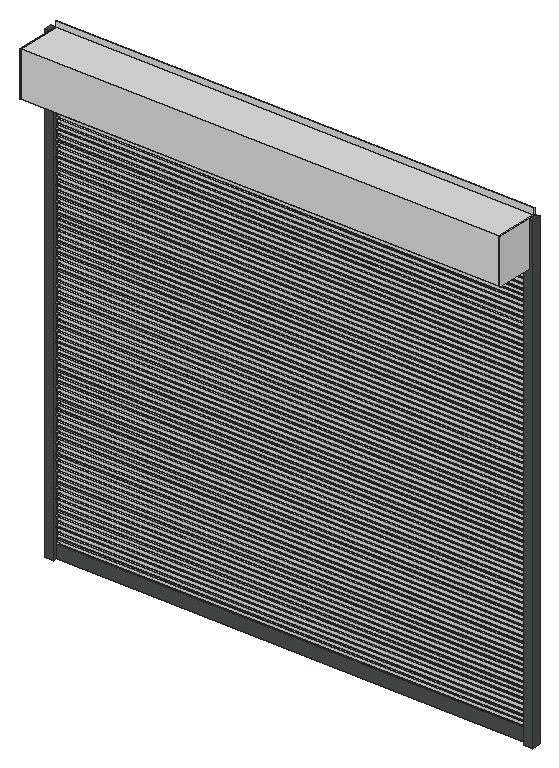
Revit family "Doors_Industrial_Overhead-Door-Corporation_Counter-Doors-652_", category Specialty Equipment, host Wall, Revit 2019
Family settings
  Host = Wall
  Round Connector Dimension = Use Diameter
  Part Type = Normal
  OmniClass Number = 23.30.10.21.34
  OmniClass Title = Industrial Doors
  Always vertical = Yes
  Cut with Voids When Loaded = Yes
  Shared = No
  Room Calculation Point = No
Parameters (values of type "‏​Manual push-up")
  Warning Sign [instance] = if(Calculated Area > 683.00 SF, 1 = 1, 1 = 2)  # no
  Warning (Note) [instance] = if(Warning Sign, "The Door Area is out of the limit; please adjust accordingly. The maximum allowed area is 683 sq. ft.", if(Opening Height > 360", "Headroom Clearance Dimensions - out of the limits. Consult Factory", " "))  # " "
  Wall Thickness [instance] = 6"
  Voltage = 0 V
  True Opening Width [instance] = if(Between Jambs Mounting, Door Width True, Clear Width)  # 120"
  True Opening Height [instance] = if(Between Jambs Mounting, Clear Height + Headroom Height, Clear Height)  # 108"
  Steel \ Stainless Steel Guide [instance] = not(Aluminum Guide)  # no
  Slat Type [instance] = "F-158"  # constant formula
  Slat Length [instance] = Clear Width + Setback  # 120 7/8"
  Slat Height [instance] = 10 41/128"  # constant formula
  Slat Center Offset [instance] = if(and(Electric Operator, Motor Option Real = 2), 1 1/16", if(Aluminum Guide, 1 1/16", 1 5/8"))  # 1 1/16"
  Slat [instance] = 1  # constant formula
  Setback [instance] = if(Between Jambs Mounting, if(and(Electric Operator, Motor Option Real = 2), 7/8" - 1/4", if(Aluminum Guide, 7/8" - 1/4", 1" - 3/8")), if(and(Electric Operator, Motor Option Real = 2), 7/8", if(Aluminum Guide, 7/8", 1")))  # 7/8"
  Product Page URL = "https://www.overheaddoor.com/counter-doors-652"
  Power Factor = 1
  Powder Coat (Note) = "PowderGuard® Premium powder coat finish options are available in approximately 200 colors as well as custom matching to specification. PowderGuard® Textured finish, a thicker, more scratch resistant coat, is available in 11 colors providing enhanced scratch resistance as well as aiding in hiding the dirt and blemishes that often occur in commercial environments.​"  # constant formula
  Operator Visibility = no
  Operation (Note) [instance] = "Standard door operation is manual push-up. Door could also operate by crank, electrical operator or chain hoist. Manual push up and crank could be used up to 80 sf."  # constant formula
  Opening Width Real [instance] = if(Opening Width > Max Opening Width, Max Opening Width, if(Opening Width < Min Opening Width, Min Opening Width, Opening Width))  # 120"
  Opening Width [instance] = 120"
  Opening Height Real [instance] = if(Opening Height > Max Opening Height, Max Opening Height, if(Opening Height < Min Opening Height, Min Opening Height, Opening Height))  # 108"
  Opening Height [instance] = 108"
  One Array element [instance] = not(Array Vis)  # no
  Number of Poles = 1
  Motor Type [instance] = if(Motor Option < 2, "CDX Electric Operator", if(Motor Option = 2, "RTM Electric Operator", "RSX Electric Operator"))  # "CDX Electric Operator"
  Motor Selection (Note) [instance] = "Generic operator shown. Contact Overhead Door when dimensions are critical. "  # constant formula
  Motor Position [instance] = if(Between Jambs Mounting, if(and(Electric Operator, Motor Option Real > 2), 2 177/256", Headplate Offset), if(and(Electric Operator, Motor Option Real > 2), 2 177/256", Headplate Offset))  # 1 5/8"
  Motor Option Real [instance] = if(Electric Operator, if(Motor Option < 1, 1, if(Motor Option > 3, 3, Motor Option)), 1)  # 1
  Motor Option [instance] = 1
  Min Opening Width [instance] = 40"  # constant formula
  Min Opening Height [instance] = 40"  # constant formula
  Max Opening Width [instance] = 240"  # constant formula
  Max Opening Height [instance] = 108"  # constant formula
  Material Finish [instance] = 652 : Standard - Clear
  Lookup Table = "Hood Dimensions"  # constant formula
  Lookup BD [instance] = if(or(Opening Height Real < 60", Opening Height Real = 60"), 9 1/2", 11 1/2")  # 11 1/2"
  Jambs Offset 2 [instance] = if(Between Jambs Mounting, Guide Width 2, 0")  # 0"
  Jamb Offset 1 [instance] = if(Between Jambs Mounting, Guide Width 1, 0")  # 0"
  Installation Real [instance] = if(Between Jambs Mounting, Installation Limits, Wall Thickness)  # 6"
  Installation Offset [instance] = 0"
  Installation Limits [instance] = if(Installation Offset < 0", 0", if(Installation Offset > Wall Thickness - Guide Depth, Wall Thickness - Guide Depth, Installation Offset))  # 0"
  Hood Type [instance] = "Square Hood"  # constant formula
  Hood Option [instance] = 2  # constant formula
  Hood Offset [instance] = 2"  # constant formula
  Hood Material [instance] = Aluminum - Overhead Door - Clear
  Hood Height [instance] = Headroom Height Real - Hood Offset  # 11 1/2"
  Lookup HH [instance] = if(or(Opening Height Real < 60", Opening Height Real = 60"), 9 1/2", 11 1/2")  # 11 1/2"
  Headroom Height Real [instance] = Lookup HH + Hood Offset  # 13 1/2"
  Headroom Height [instance] = if(Between Jambs Mounting, Headroom Height Real, Headroom Height Real + 1 1/2")  # 15"
  Headplate Offset [instance] = if(Guide Option = 1, 1 5/8", if(Guide Option = 2, 2 3/4", if(Guide Option = 3, 1 15/16", if(Guide Option = 4, 1 5/16", if(Guide Option = 5, 1 5/16", if(Guide Option = 6, 2 3/8", if(Guide Option = 7, 1 15/16", 2 7/16")))))))  # 1 5/8"
  Guide Type [instance] = if(Guide Option < 2, "Face of Wall Extruded Aluminum", if(Guide Option = 2, "Face of Wall Extruded Aluminum - RTM Electric Operator", if(Guide Option = 3, "Face of Wall Rolled Steel", if(Guide Option = 4, "Between Jambs Extruded Aluminum - Push Up", if(Guide Option = 5, "Between Jambs Extruded Aluminum - Crank & Electric Operator", if(Guide Option = 6, "Between Jambs Extruded Aluminum - RTM Electric Operator", if(Guide Option = 7, "Between Jambs Rolled Steel - Push-up", "Between Jambs Rolled Steel - Crank & Electric Operator")))))))  # "Face of Wall Extruded Aluminum"
  Guide Option [instance] = if(Face Of Wall Mounting, if(Aluminum Guide, if(and(Electric Operator, Motor Option = 2), 2, 1), if(and(Electric Operator, Motor Option = 2), 2, 3)), if(Aluminum Guide, if(Manual, 4, if(and(Electric Operator, Motor Option = 2), 6, 5)), if(Manual, 7, if(and(Electric Operator, Motor Option = 2), 6, 8))))  # 1
  Guide Width 2 [instance] = if(Guide Option < 2, 2 3/4", if(Guide Option = 2, 2 3/4", if(Guide Option = 3, 2 7/8", if(Guide Option = 4, 2 3/8", if(Guide Option = 5, 2 3/8", if(Guide Option = 6, 2 3/8", if(Guide Option = 7, 1 15/16", 1 15/16")))))))  # 2 3/4"
  Guide Width 1 [instance] = if(Guide Option < 2, 2 3/4", if(Guide Option = 2, 3 5/8", if(Guide Option = 3, 2 7/8", if(Guide Option = 4, 2 3/8", if(Guide Option = 5, 4 3/4", if(Guide Option = 6, 3 3/8", if(Guide Option = 7, 1 15/16", 5 5/8")))))))  # 2 3/4"
  Guide Depth [instance] = if(and(Electric Operator, Motor Option Real = 2), 2 1/8", if(Aluminum Guide, 2 1/8", 2"))  # 2 1/8"
  Frequency = 0 Hz
  Floor To CL shaft [instance] = Clear Height + Hood Height / 2 + Hood Offset  # 115 3/4"
  Face of Wall Offset [instance] = if(Between Jambs Mounting, 0", 5")  # 5"
  Face Of Wall Mounting [instance] = not(Between Jambs Mounting)  # yes
  Electric Operator = no
  Door Width True [instance] = if(Between Jambs Mounting, Clear Width + Guide Width 1 + Guide Width 2, Clear Width)  # 120"
  Door Width (Real) [instance] = if(Between Jambs Mounting, Clear Width, if(and(Electric Operator, Motor Option Real = 2), Clear Width + 3/8" * 2, if(Aluminum Guide, Clear Width + 3/8" * 2, Clear Width + 1" / 2)))  # 120 3/4"
  Door Height True [instance] = Clear Width + Headroom Height  # 135"
  Door Height (Real) [instance] = Clear Height + Hood Offset  # 110"
  URL = "https://www.overheaddoor.com/"
  Product data url = "https://www.bimobject.com/overhead-door/product/counter-doors-652"
  Product Guid = "70aadce8-ccdb-466b-b9f7-033da6aec193"
  Model = "652"  # constant formula
  Manufacturer = "Overhead Door Corporation"  # constant formula
  Wall Closure = By host
  Floor To (CL) of Shaft [instance] = Clear Height + Hood Height / 2 + Hood Offset + Default Elevation Height + Countertop Thickness Real  # 151 3/4"
  Finish Material = Finish - Overhead Door - Black
  Description = "Model 652 Rolling Counter Door"  # constant formula
  Default Elevation Height [instance] = 36"
  Crank = no
  Countertop Thickness Real [instance] = if(Countertop Thickness < 0", 0", if(Countertop Thickness > 12", 12", Countertop Thickness))  # 0"
  Countertop Thickness [instance] = 0"
  Clear Width [instance] = if(Between Jambs Mounting, Opening Width Real - Guide Width 2 - Guide Width 1, Opening Width Real)  # 120"
  Clear Height [instance] = if(Between Jambs Mounting, Opening Height Real - Headroom Height, Opening Height Real)  # 108"
  Manual = yes
  Current = 0 A
  Connector Array Distance = 0"  # constant formula
  Connector Array = if(Manual, 2, 3)  # 2
  Between Jambs Mounting [instance] = no
  Bar [instance] = 1 = 1  # yes
  Backroom Depth [instance] = Lookup BD  # 11 1/2"
  BJ Opening Cut [instance] = if(Between Jambs Mounting, Headroom Height, 0")  # 0"
  Array Vis [instance] = if(Array < 2, 1 = 2, 1 = 1)  # yes
  Array Real [instance] = if(Array < 2, 2, Array)  # 11
  Array Length [instance] = (Array) * Slat Height  # 113 67/128"
  Array [instance] = rounddown(([Door Height (Real)] - 3 1/2") / Slat Height) + 1  # 11
  Calculated Area [instance] = [Door Width (Real)] * [Door Height (Real)]  # 92.2396 SF
  Apparent Load Phase 3 = if(Number of Poles = 1, 0 VA, (Voltage * Current * sqrt(3)) / 3)  # 0 VA
  Apparent Load Phase 2 = if(Number of Poles = 1, 0 VA, (Voltage * Current * sqrt(3)) / 3)  # 0 VA
  Apparent Load Phase 1 = if(Number of Poles = 1, Voltage * Current, (Voltage * Current * sqrt(3)) / 3)  # 0 VA
  Aluminum Guide [instance] = yes
Reference planes (in)
  plane 1 "Center (Front/Back)": y = -14.625
  plane 2 "Center (Left/Right)": x = 0
  plane 3 "Left": x = -60
  plane 4 "Right": x = 60
  plane 5 "Exterior": y = -8.625
  plane 6 "Interior": y = -14.625
  plane 7: z = 144
  plane 8 "Backroom Depth": y = -26.125
  plane 9 "Bottom Bar": z = 39.5
  plane 10: z = 153.02344
  plane 11: z = 157.5
  plane 12: z = 146
  plane 13: z = 159
  plane 14: z = 0
  plane 15: z = 90
  plane 16: y = -15.9375
  plane 17: y = 18.375
  plane 18: y = -41.625
  plane 19 "Headroom Top": z = 159
  plane 20: z = 151.75
  plane 21: z = 142.70312
  plane 22: z = 36
  plane 23: x = 62.75
  plane 24: x = -62.75
  plane 25: y = -15.6875
  plane 26: x = 61.625
  plane 27: z = 36
  plane 28: z = 39.5
  plane 29: y = -15.9375
  plane 30: z = 142.70312
  plane 31: y = -15.9375
  plane 32: z = 49.82031
  plane 33: y = -15.9375
  plane 34: z = 60.14062
  plane 35: y = -15.9375
  plane 36: z = 70.46094
  plane 37: y = -15.9375
  plane 38: z = 80.78125
  plane 39: y = -15.9375
  plane 40: z = 91.10156
  plane 41: y = -15.9375
  plane 42: z = 101.42187
  plane 43: y = -15.9375
  plane 44: z = 111.74219
  plane 45: y = -15.9375
  plane 46: z = 122.0625
  plane 47: y = -15.9375
  plane 48: z = 132.38281
  plane 49: y = -15.9375
Forms (in)
  Extrusion 1, void
    sketch origin (0, -20.625, 0) x (0, 0, -1) y (-1, 0, 0)
      loop
        line (-144, 60) -> (-144, -60) -> (-36, -60) -> (-36, 60) -> (-144, 60)
    from 6 to 12
Text (in)
  text "Exterior" at (-74.96733, 27.31104, 0), in view "Ref. Level"
  text "Interior" at (-74.96733, -25.14366, 0), in view "Ref. Level"
  text "Exterior" at (0, 40.15149, 123.01588), in view "Right"
  text "Interior" at (0, -64.39139, 123.01588), in view "Right"
  text "Interior" at (0, -31.01599, 123.00693), in view "Left"
  text "Exterior" at (0, 54.57065, 123.00693), in view "Left"
Dimensions and locks (in)
  equal spacing: plane 3 "Left", plane 2 "Center (Left/Right)", plane 4 "Right"
  "Clear Width": plane 3 "Left" to plane 4 "Right"
  level to host wall = 459.59655"
  "Array Length": plane 10 to plane 9 "Bottom Bar"
  "Backroom Depth": plane 8 "Backroom Depth" to plane 1 "Center (Front/Back)"
  "Hood Height": plane 11 to plane 12
  locked: plane 13 to plane 11 at 1.5
  "Installation Real": plane 1 "Center (Front/Back)" to plane 5 "Exterior"
  "Wall Thickness": host wall to host wall
  equal spacing: plane 17, host wall, plane 18
  locked: plane 17 to plane 18 at 60
  "BJ Opening Cut": Extrusion 1 sketch curve to plane 7
  "Hood Offset": plane 12 to plane 7
  "Headroom Height": plane 19 "Headroom Top" to plane 7
  "Floor To (CL) of Shaft": plane 20 to level
  "Jamb Offset 1": plane 4 "Right" to Extrusion 1 sketch curve
  "Jambs Offset 2": Extrusion 1 sketch curve to plane 3 "Left"
  "Slat Height": plane 10 to plane 21
  equal spacing: group 1, group 3, group 4, group 5, group 6, group 7, group 8, group 9, group 10, group 11, group 2  (x3)
  equal spacing: plane 7, plane 15, plane 22
  "Clear Height": plane 7 to plane 22
  locked: plane 9 "Bottom Bar" to plane 22 at 3.5
  "Guide Width 1": plane 4 "Right" to plane 23
  "Guide Width 2": plane 24 to plane 3 "Left"
  plane 24 to plane 23 = 125 1/2"
  "Slat Center Offset": plane 25 to plane 1 "Center (Front/Back)"
  locked: plane 16 to plane 25 at 0.25
  "Motor Position": plane 4 "Right" to plane 26
  "Default Elevation Height": plane 27 to plane 14
  "Countertop Thickness Real": plane 22 to plane 27
  aligned and locked: plane 5 "Exterior" to host wall
  aligned and locked: host wall to plane 6 "Interior"
  aligned and locked: Extrusion 1 to plane 5 "Exterior"
  aligned and locked: Extrusion 1 to plane 6 "Interior"
  aligned and locked: level to plane 14
  aligned and locked: plane 2 "Center (Left/Right)" to nested 1
  aligned and locked: nested 1 to plane 17
  aligned and locked: plane 18 to nested 2
  aligned and locked: nested 2 to plane 2 "Center (Left/Right)"
  aligned and locked: nested 3 to plane 15
  aligned and locked: plane 2 "Center (Left/Right)" to nested 3
  aligned and locked: plane 9 "Bottom Bar" to nested 5
  aligned and locked: nested 5 to plane 16
  aligned and locked: nested 3 to plane 16
  aligned and locked: plane 2 "Center (Left/Right)" to nested 15
  aligned and locked: plane 1 "Center (Front/Back)" to nested 15
  aligned and locked: plane 26 to nested 16
  aligned and locked: plane 11 to nested 16
  aligned and locked: nested 16 to plane 5 "Exterior"
  aligned and locked: Extrusion 1 sketch curve to plane 27
  aligned and locked: plane 9 "Bottom Bar" to plane 28
  aligned and locked: plane 29 to plane 16
  aligned and locked: plane 21 to plane 30
  aligned and locked: plane 31 to plane 16
Nested families (in)
  nested 1: "Label Annotation 1" at (0, 18.375, 0), visible <- "Warning Sign", type "Label Annotation 1"
  nested 2: "Label Annotation 1" at (0, -41.625, 0) x (-1, 0, 0) z (0, 0, 1), visible <- "Warning Sign", type "Label Annotation 1"
  nested 3: "Warning Sign" at (0, -15.9375, 90), visible <- "Warning Sign", type "Warning Sign"
    with Warning Sign no
  nested 4: "652" at (0, -15.9373, 39.5), Opening Width <- "Slat Length", type <- "Material Finish", visible <- "Array Vis", type "Standard - Clear"
    with Void Offset 1", Void Height 1", Slat Width 1/2", Slat Position + Offset 9.57", Slat Position 9.03", Slat Option 1, Opening Width 120 7/8", Integrated Cutout no, F-158 yes, F 265, FE 265 no, Cutout Width Offset 1", Cutout Vertical Offset 0.54", Cutout Horizontal Offset 1", C 275 no, Standard yes
  nested 5: "652" at (0, -15.9375, 39.5), visible <- "One Array element", Opening Width <- "Slat Length", type <- "Material Finish", type "Standard - Clear"
    with Void Offset 1", Void Height 1", Slat Width 1/2", Slat Position + Offset 9.57", Slat Position 9.03", Slat Option 1, Opening Width 120 7/8", Integrated Cutout no, F-158 yes, F 265, FE 265 no, Cutout Width Offset 1", Cutout Vertical Offset 0.54", Cutout Horizontal Offset 1", C 275 no, Standard yes
  nested 6: "652" at (0, -15.9373, 142.70312), Opening Width <- "Slat Length", type <- "Material Finish", visible <- "Array Vis", type "Standard - Clear"
    with Void Offset 1", Void Height 1", Slat Width 1/2", Slat Position + Offset 9.57", Slat Position 9.03", Slat Option 1, Opening Width 120 7/8", Integrated Cutout no, F-158 yes, F 265, FE 265 no, Cutout Width Offset 1", Cutout Vertical Offset 0.54", Cutout Horizontal Offset 1", C 275 no, Standard yes
  nested 7: "652" at (0, -15.9373, 49.82031), Opening Width <- "Slat Length", type <- "Material Finish", visible <- "Array Vis", type "Standard - Clear"
    with Void Offset 1", Void Height 1", Slat Width 1/2", Slat Position + Offset 9.57", Slat Position 9.03", Slat Option 1, Opening Width 120 7/8", Integrated Cutout no, F-158 yes, F 265, FE 265 no, Cutout Width Offset 1", Cutout Vertical Offset 0.54", Cutout Horizontal Offset 1", C 275 no, Standard yes
  nested 8: "652" at (0, -15.9373, 60.14062), Opening Width <- "Slat Length", type <- "Material Finish", visible <- "Array Vis", type "Standard - Clear"
    with Void Offset 1", Void Height 1", Slat Width 1/2", Slat Position + Offset 9.57", Slat Position 9.03", Slat Option 1, Opening Width 120 7/8", Integrated Cutout no, F-158 yes, F 265, FE 265 no, Cutout Width Offset 1", Cutout Vertical Offset 0.54", Cutout Horizontal Offset 1", C 275 no, Standard yes
  nested 9: "652" at (0, -15.9373, 70.46094), Opening Width <- "Slat Length", type <- "Material Finish", visible <- "Array Vis", type "Standard - Clear"
    with Void Offset 1", Void Height 1", Slat Width 1/2", Slat Position + Offset 9.57", Slat Position 9.03", Slat Option 1, Opening Width 120 7/8", Integrated Cutout no, F-158 yes, F 265, FE 265 no, Cutout Width Offset 1", Cutout Vertical Offset 0.54", Cutout Horizontal Offset 1", C 275 no, Standard yes
  nested 10: "652" at (0, -15.9373, 80.78125), Opening Width <- "Slat Length", type <- "Material Finish", visible <- "Array Vis", type "Standard - Clear"
    with Void Offset 1", Void Height 1", Slat Width 1/2", Slat Position + Offset 9.57", Slat Position 9.03", Slat Option 1, Opening Width 120 7/8", Integrated Cutout no, F-158 yes, F 265, FE 265 no, Cutout Width Offset 1", Cutout Vertical Offset 0.54", Cutout Horizontal Offset 1", C 275 no, Standard yes
  nested 11: "652" at (0, -15.9373, 91.10156), Opening Width <- "Slat Length", type <- "Material Finish", visible <- "Array Vis", type "Standard - Clear"
    with Void Offset 1", Void Height 1", Slat Width 1/2", Slat Position + Offset 9.57", Slat Position 9.03", Slat Option 1, Opening Width 120 7/8", Integrated Cutout no, F-158 yes, F 265, FE 265 no, Cutout Width Offset 1", Cutout Vertical Offset 0.54", Cutout Horizontal Offset 1", C 275 no, Standard yes
  nested 12: "652" at (0, -15.9373, 101.42187), Opening Width <- "Slat Length", type <- "Material Finish", visible <- "Array Vis", type "Standard - Clear"
    with Void Offset 1", Void Height 1", Slat Width 1/2", Slat Position + Offset 9.57", Slat Position 9.03", Slat Option 1, Opening Width 120 7/8", Integrated Cutout no, F-158 yes, F 265, FE 265 no, Cutout Width Offset 1", Cutout Vertical Offset 0.54", Cutout Horizontal Offset 1", C 275 no, Standard yes
  nested 13: "652" at (0, -15.9373, 111.74219), Opening Width <- "Slat Length", type <- "Material Finish", visible <- "Array Vis", type "Standard - Clear"
    with Void Offset 1", Void Height 1", Slat Width 1/2", Slat Position + Offset 9.57", Slat Position 9.03", Slat Option 1, Opening Width 120 7/8", Integrated Cutout no, F-158 yes, F 265, FE 265 no, Cutout Width Offset 1", Cutout Vertical Offset 0.54", Cutout Horizontal Offset 1", C 275 no, Standard yes
  nested 14: "652" at (0, -15.9373, 122.0625), Opening Width <- "Slat Length", type <- "Material Finish", visible <- "Array Vis", type "Standard - Clear"
    with Void Offset 1", Void Height 1", Slat Width 1/2", Slat Position + Offset 9.57", Slat Position 9.03", Slat Option 1, Opening Width 120 7/8", Integrated Cutout no, F-158 yes, F 265, FE 265 no, Cutout Width Offset 1", Cutout Vertical Offset 0.54", Cutout Horizontal Offset 1", C 275 no, Standard yes
  nested 15: "Lifts" at (0, -14.625, 36) x (-1, 0, 0) z (0, 0, 1), type "Frame Unit"
    with Floor To (CL) of Shaft 115 3/4"
  nested 16: "Motor" at (58.6355, -26.125, 146), visible <- "Operator Visibility", type "Trolley Motor"
  nested 17: "652" at (0, -15.9373, 132.38281), Opening Width <- "Slat Length", type <- "Material Finish", visible <- "Array Vis", type "Standard - Clear"
    with Void Offset 1", Void Height 1", Slat Width 1/2", Slat Position + Offset 9.57", Slat Position 9.03", Slat Option 1, Opening Width 120 7/8", Integrated Cutout no, F-158 yes, F 265, FE 265 no, Cutout Width Offset 1", Cutout Vertical Offset 0.54", Cutout Horizontal Offset 1", C 275 no, Standard yes
Connectors (in)
  electrical at (61.625, -20.375, 151.75), driven by "Apparent Load Phase 1", driven by "Power Factor", driven by "Apparent Load Phase 3", driven by "Apparent Load Phase 2", driven by "Voltage", driven by "Number of Poles"
    settings: on nested 16, index 1, voltage 0 V, apparent load 0 VA, apparent load phase1 0 VA, apparent load phase2 0 VA, apparent load phase3 0 VA, power factor 1, load classification "Other", number of poles 1, system type 31, power factor state 1, is connector primary yes, connector utility no, sub classification motor no, connector description "Electrical Connector"
Definition of nested family "652"
  Parameters (values of type "Perforated - Gray")
    Void Offset [instance] = if(Integrated Cutout, 0", 1")  # 1"
    Void Height [instance] = 1"  # constant formula
    Standard = no
    Slat Width [instance] = 1/2"  # constant formula
    Slat Position + Offset [instance] = Slat Position + Cutout Vertical Offset  # 9.57"
    Slat Position [instance] = 1.29" * 7  # 9.03"
    Slat Option [instance] = 1
    Rough Height = 0"
    Perforation = no
    Fenestration Small = no
    Fenestration Large = 1 = 2  # no
    Cutout Width Offset [instance] = 1"  # constant formula
    Cutout Material 2 = none
    Cutout Horizontal Offset [instance] = 1"  # constant formula
    Cutout Material = none
    Panel Material = none
    Opening Width [instance] = 123 5/8"
    Cutout Vertical Offset [instance] = 0.54"  # constant formula
    F 265, FE 265 [instance] = 1 = 2  # no
    Default Elevation = 48"
    Integrated Cutout [instance] = if(or(Perforation, Fenestration Small), 1 = 1, 1 = 2)  # no
    C 275 [instance] = 1 = 2  # no
    F-158 [instance] = 1 = 1  # yes
    Analytic Construction = "<None>"
  Types (7): name | Void Offset | Standard | Fenestration Small | Integrated Cutout
    Standard - Tan | 1" | yes | no | no
    Standard - Gray | 1" | yes | no | no
    Perforated - Gray | 1" | no | no | no
    Fenestration 0.625”x3” - Gray | 0" | no | yes | yes
    Fenestration 0.625”x3” - Tan | 0" | no | yes | yes
    Vision lites 0.625”x3” - Tan | 0" | no | yes | yes
    Vision lites 0.625”x3” - Gray | 0" | no | yes | yes
  Reference planes (in)
    plane 1 "Center (Front/Back)": y = 0
    plane 2: z = 0
    plane 3 "Center (Left/Right)": x = 0
    plane 4: x = -61.8125
    plane 5: x = 61.8125
    plane 6: y = 0.5
    plane 7: y = 0
    plane 8: y = 0.25
    plane 9: y = 0.47
    plane 10: x = -60.8125
    plane 11: x = 60.8125
  Forms (in)
    Extrusion 1, solid, material <- "Panel Material", visible <- "F-158"
      sketch origin (0, -4.98186, 13.12534) x (0, 1, 0) y (0, 0, 1)
        loop
          arc (5.40186, -13.23015) -> (5.45843, -13.20672) -> (5.48186, -13.15015) r 0.08
          line (5.48186, -13.15015) -> (5.48186, -12.01975)
          arc (5.48186, -12.01975) -> (5.45843, -11.96318) -> (5.40186, -11.94015) r 0.08
          arc (5.40186, -11.94015) -> (5.45843, -11.91672) -> (5.48186, -11.86015) r 0.08
          line (5.48186, -11.86015) -> (5.48186, -10.72975)
          arc (5.48186, -10.72975) -> (5.45843, -10.67318) -> (5.40186, -10.65015) r 0.08
          arc (5.40186, -10.65015) -> (5.45843, -10.62672) -> (5.48186, -10.57015) r 0.08
          line (5.48186, -10.57015) -> (5.48186, -9.43975)
          arc (5.48186, -9.43975) -> (5.45843, -9.38318) -> (5.40186, -9.36015) r 0.08
          arc (5.40186, -9.36015) -> (5.45843, -9.33672) -> (5.48186, -9.28015) r 0.08
          line (5.48186, -9.28015) -> (5.48186, -8.14975)
          arc (5.48186, -8.14975) -> (5.45843, -8.09318) -> (5.40186, -8.07015) r 0.08
          arc (5.40186, -8.07015) -> (5.45843, -8.04672) -> (5.48186, -7.99015) r 0.08
          line (5.48186, -7.99015) -> (5.48186, -6.85975)
          arc (5.48186, -6.85975) -> (5.45843, -6.80318) -> (5.40186, -6.78015) r 0.08
          arc (5.40186, -6.78015) -> (5.45843, -6.75672) -> (5.48186, -6.70015) r 0.08
          line (5.48186, -6.70015) -> (5.48186, -5.56975)
          arc (5.48186, -5.56975) -> (5.45843, -5.51318) -> (5.40186, -5.49015) r 0.08
          arc (5.40186, -5.49015) -> (5.45843, -5.46672) -> (5.48186, -5.41015) r 0.08
          line (5.48186, -5.41015) -> (5.48186, -4.27975)
          arc (5.48186, -4.27975) -> (5.45843, -4.22318) -> (5.40186, -4.20015) r 0.08
          arc (5.40186, -4.20015) -> (5.45843, -4.17672) -> (5.48186, -4.12015) r 0.08
          line (5.48186, -4.12015) -> (5.48186, -2.98975)
          arc (5.48186, -2.98975) -> (5.45843, -2.93318) -> (5.40186, -2.90975) r 0.08
          line (5.40186, -2.90975) -> (5.22937, -2.90975)
          arc (5.22937, -2.90975) -> (5.05999, -2.70129) -> (5.06854, -2.96975) r 0.14173
          line (5.06854, -2.96975) -> (5.38631, -2.96975)
          arc (5.38631, -2.96975) -> (5.41145, -2.98016) -> (5.42186, -3.0053) r 0.03555
          line (5.42186, -3.0053) -> (5.42186, -4.11914)
          arc (5.42186, -4.11914) -> (5.41437, -4.13549) -> (5.39767, -4.14216) r 0.02421
          line (5.39767, -4.14216) -> (5.18922, -4.14216)
          arc (5.18922, -4.14216) -> (4.99446, -4.11507) -> (5.12739, -4.25997) r 0.10448
          line (5.12739, -4.25997) -> (5.40191, -4.25997)
          arc (5.40191, -4.25997) -> (5.41598, -4.26579) -> (5.4218, -4.27986) r 0.01989
          line (5.4218, -4.27986) -> (5.4218, -5.41015)
          arc (5.4218, -5.41015) -> (5.41596, -5.42428) -> (5.40183, -5.43013) r 0.01997
          line (5.40183, -5.43013) -> (5.18937, -5.43013)
          arc (5.18937, -5.43013) -> (4.99364, -5.40454) -> (5.12735, -5.54975) r 0.105
          line (5.12735, -5.54975) -> (5.40186, -5.54975)
          arc (5.40186, -5.54975) -> (5.416, -5.55561) -> (5.42186, -5.56975) r 0.02
          line (5.42186, -5.56975) -> (5.42186, -6.70015)
          arc (5.42186, -6.70015) -> (5.416, -6.71429) -> (5.40186, -6.72015) r 0.02
          line (5.40186, -6.72015) -> (5.18937, -6.72015)
          arc (5.18937, -6.72015) -> (4.99365, -6.69454) -> (5.12735, -6.83975) r 0.105
          line (5.12735, -6.83975) -> (5.40186, -6.83975)
          arc (5.40186, -6.83975) -> (5.416, -6.84561) -> (5.42186, -6.85975) r 0.02
          line (5.42186, -6.85975) -> (5.42186, -7.99015)
          arc (5.42186, -7.99015) -> (5.416, -8.00429) -> (5.40186, -8.01015) r 0.02
          line (5.40186, -8.01015) -> (5.18937, -8.01015)
          arc (5.18937, -8.01015) -> (4.99364, -7.98454) -> (5.12735, -8.12975) r 0.105
          line (5.12735, -8.12975) -> (5.40186, -8.12975)
          arc (5.40186, -8.12975) -> (5.416, -8.13561) -> (5.42186, -8.14975) r 0.02
          line (5.42186, -8.14975) -> (5.42186, -9.28015)
          arc (5.42186, -9.28015) -> (5.416, -9.29429) -> (5.40186, -9.30015) r 0.02
          line (5.40186, -9.30015) -> (5.18937, -9.30015)
          arc (5.18937, -9.30015) -> (4.99364, -9.27454) -> (5.12735, -9.41975) r 0.105
          line (5.12735, -9.41975) -> (5.40186, -9.41975)
          arc (5.40186, -9.41975) -> (5.416, -9.42561) -> (5.42186, -9.43975) r 0.02
          line (5.42186, -9.43975) -> (5.42186, -10.57015)
          arc (5.42186, -10.57015) -> (5.416, -10.58429) -> (5.40186, -10.59015) r 0.02
          line (5.40186, -10.59015) -> (5.18937, -10.59015)
          arc (5.18937, -10.59015) -> (4.99364, -10.56454) -> (5.12735, -10.70975) r 0.105
          line (5.12735, -10.70975) -> (5.40186, -10.70975)
          arc (5.40186, -10.70975) -> (5.416, -10.71561) -> (5.42186, -10.72975) r 0.02
          line (5.42186, -10.72975) -> (5.42186, -11.86015)
          arc (5.42186, -11.86015) -> (5.416, -11.87429) -> (5.40186, -11.88015) r 0.02
          line (5.40186, -11.88015) -> (5.18937, -11.88015)
          arc (5.18937, -11.88015) -> (4.99364, -11.85454) -> (5.12735, -11.99975) r 0.105
          line (5.12735, -11.99975) -> (5.40186, -11.99975)
          arc (5.40186, -11.99975) -> (5.416, -12.00561) -> (5.42186, -12.01975) r 0.02
          line (5.42186, -12.01975) -> (5.42186, -13.15015)
          arc (5.42186, -13.15015) -> (5.416, -13.16429) -> (5.40186, -13.17015) r 0.02
          line (5.40186, -13.17015) -> (5.18153, -13.17015)
          arc (5.18153, -13.17015) -> (5.03054, -13.03641) -> (5.08666, -13.23015) r 0.105
          line (5.08666, -13.23015) -> (5.40186, -13.23015)
      from -61.8125 to 61.8125
    Extrusion 2, void
      sketch origin (0, 0, 0) x (0, 1, 0) y (0, 0, 1)
        loop
          line (1.44, 1.04) -> (1.44, 0.04) -> (1.5, 0.04) -> (1.5, 1.04) -> (1.44, 1.04)
        loop
          line (1.44, 2.33) -> (1.44, 1.33) -> (1.5, 1.33) -> (1.5, 2.33) -> (1.44, 2.33)
        loop
          line (1.44, 3.62) -> (1.44, 2.62) -> (1.5, 2.62) -> (1.5, 3.62) -> (1.44, 3.62)
        loop
          line (1.44, 4.91) -> (1.44, 3.91) -> (1.5, 3.91) -> (1.5, 4.91) -> (1.44, 4.91)
        loop
          line (1.44, 6.2) -> (1.44, 5.2) -> (1.5, 5.2) -> (1.5, 6.2) -> (1.44, 6.2)
        loop
          line (1.44, 7.49) -> (1.44, 6.49) -> (1.5, 6.49) -> (1.5, 7.49) -> (1.44, 7.49)
        loop
          line (1.44, 8.78) -> (1.44, 7.78) -> (1.5, 7.78) -> (1.5, 8.78) -> (1.44, 8.78)
        loop
          line (1.44, 10.07) -> (1.44, 9.07) -> (1.5, 9.07) -> (1.5, 10.07) -> (1.44, 10.07)
      from -60.8125 to 60.8125
  Cuts and joins
    Extrusion 2 cuts Extrusion 1
  Lines and regions (in)
    reference lines
      curve 1: line (0, -4.98186, 12.78) -> (0, 9.9577, 12.78)
      curve 2: line (0, -2.86663, 9.57) -> (0, 7.60337, 9.57)
      curve 3: line (0, -2.86663, 5.7) -> (0, 7.60337, 5.7)
      curve 4: line (0, -2.86663, 4.41) -> (0, 7.60337, 4.41)
      curve 5: line (0, -2.86663, 3.12) -> (0, 7.60337, 3.12)
      curve 6: line (0, -2.86663, 0.54) -> (0, 7.60337, 0.54)
      curve 7: line (0, -2.86663, 1.83) -> (0, 7.60337, 1.83)
      curve 8: line (0, -2.86663, 6.99) -> (0, 7.60337, 6.99)
      curve 9: line (0, -2.86663, 8.28) -> (0, 7.60337, 8.28)
  Dimensions and locks (in)
    equal spacing: plane 4, plane 3 "Center (Left/Right)", plane 5
    "Opening Width": plane 4 to plane 5
    "Slat Width": plane 1 "Center (Front/Back)" to plane 6
    equal spacing: plane 1 "Center (Front/Back)", plane 8, plane 6
    locked: plane 9 to plane 6 at 0.03
    "Cutout Width Offset": plane 4 to plane 10
    "Cutout Width Offset": plane 5 to plane 11
    "Void Height": Extrusion 2 sketch curve to Extrusion 2 sketch curve  (x8)
    locked: Extrusion 2 sketch curve to Extrusion 2 sketch curve at 0.06  (x8)
    "Void Offset": plane 6 to Extrusion 2 sketch curve
    locked: curve 1 to level at 12.78
    "Slat Position": curve 6 to curve 2
    equal spacing: Extrusion 2 sketch curve, curve 3, Extrusion 2 sketch curve
    equal spacing: Extrusion 2 sketch curve, curve 4, Extrusion 2 sketch curve
    equal spacing: Extrusion 2 sketch curve, curve 6, Extrusion 2 sketch curve
    equal spacing: Extrusion 2 sketch curve, curve 5, Extrusion 2 sketch curve
    equal spacing: Extrusion 2 sketch curve, curve 7, Extrusion 2 sketch curve
    "Cutout Vertical Offset": curve 6 to plane 2
    equal spacing: curve 6, curve 7, curve 5, curve 4, curve 3, curve 8, curve 9, curve 2
    equal spacing: Extrusion 2 sketch curve, curve 9, Extrusion 2 sketch curve
    equal spacing: Extrusion 2 sketch curve, curve 8, Extrusion 2 sketch curve
    equal spacing: Extrusion 2 sketch curve, curve 2, Extrusion 2 sketch curve
    aligned and locked: plane 2 to level
    aligned and locked: plane 1 "Center (Front/Back)" to plane 7
    aligned and locked: plane 5 to Extrusion 1
    aligned and locked: plane 4 to Extrusion 1
    aligned and locked: plane 9 to nested 1
    aligned and locked: plane 3 "Center (Left/Right)" to nested 1
    aligned and locked: Extrusion 2 sketch curve to Extrusion 2 sketch curve  (x7)
    aligned and locked: plane 10 to Extrusion 2
    aligned and locked: plane 11 to Extrusion 2
    aligned and locked: plane 3 "Center (Left/Right)" to nested 2
    aligned and locked: plane 3 "Center (Left/Right)" to nested 3
    aligned and locked: plane 3 "Center (Left/Right)" to nested 4
    aligned and locked: plane 3 "Center (Left/Right)" to nested 5
    aligned and locked: plane 9 to nested 2
    aligned and locked: plane 9 to nested 3
    aligned and locked: plane 9 to nested 4
    aligned and locked: plane 9 to nested 5
    aligned and locked: plane 9 to nested 6
    aligned and locked: plane 9 to nested 7
    aligned and locked: plane 9 to nested 8
    aligned and locked: nested 8 to curve 2
    aligned and locked: nested 7 to curve 9
    aligned and locked: nested 6 to curve 8
    aligned and locked: plane 3 "Center (Left/Right)" to nested 8
    aligned and locked: plane 3 "Center (Left/Right)" to nested 7
    aligned and locked: plane 3 "Center (Left/Right)" to nested 6
  Automatic sketch dimensions
    plane 1 "Center (Front/Back)" to curve 1 = 4.98186"
    plane 1 "Center (Front/Back)" to curve 9 = 2.86663"
    curve 2 to curve 9 = 0"
    plane 1 "Center (Front/Back)" to curve 7 = 2.86663"
    curve 3 to curve 9 = 0"
    curve 6 to curve 7 = 0"
    curve 4 to curve 3 = 0"  (x2)
    curve 8 to curve 3 = 0"  (x2)
    curve 5 to curve 4 = 0"  (x2)
    curve 3 to plane 6 = 7.10337"
    curve 6 to curve 3 = 0"
    curve 2 to curve 3 = 0"
    curve 7 to curve 6 = 0"
    curve 9 to curve 8 = 0"
    curve 2 to curve 1 = 2.35433"
    Extrusion 1 sketch curve to Extrusion 1 sketch curve = 0"  (x30)
    Extrusion 1 sketch curve to plane 6 = 0"  (x8)
    plane 9 to Extrusion 1 sketch curve = 0.03"  (x7)
    plane 9 to Extrusion 1 sketch curve = 0.03006"
    Extrusion 1 sketch curve to Extrusion 1 sketch curve = 0.02419"
    Extrusion 1 sketch curve to Extrusion 1 sketch curve = 0.01989"
    Extrusion 1 sketch curve to Extrusion 1 sketch curve = 0.02"  (x11)
    plane 9 to Extrusion 1 sketch curve = 0.05"  (x2)
    Extrusion 1 sketch curve to Extrusion 1 sketch curve = 0.00419"
    Extrusion 1 sketch curve to Extrusion 1 sketch curve = 0.00005"
    Extrusion 1 sketch curve to Extrusion 1 sketch curve = 0.01994"
    Extrusion 1 sketch curve to Extrusion 1 sketch curve = 0.00003"
    Extrusion 1 sketch curve to Extrusion 1 sketch curve = 0.01555"  (x2)
    plane 8 to Extrusion 1 sketch curve = 0.04249"  (x6)
    plane 8 to Extrusion 1 sketch curve = 0.04264"
    plane 8 to Extrusion 1 sketch curve = 0.05033"
    plane 8 to Extrusion 1 sketch curve = 0.10447"
    plane 8 to Extrusion 1 sketch curve = 0.10451"  (x6)
    Extrusion 1 sketch curve to Extrusion 1 sketch curve = 0.04042"
    Extrusion 1 sketch curve to plane 1 "Center (Front/Back)" = 0.105"  (x4)
    Extrusion 1 sketch curve to Extrusion 1 sketch curve = 0.04049"
    Extrusion 1 sketch curve to Extrusion 1 sketch curve = 0.10251"
    level to Extrusion 1 sketch curve = 0.0002"
    Extrusion 1 sketch curve to plane 1 "Center (Front/Back)" = 0.1048"
    level to Extrusion 1 sketch curve = 1.10559"
    Extrusion 1 sketch curve to Extrusion 1 sketch curve = 0.09688"  (x6)
    Extrusion 1 sketch curve to Extrusion 1 sketch curve = 1.13039"  (x5)
    Extrusion 1 sketch curve to Extrusion 1 sketch curve = 0.01997"
    Extrusion 1 sketch curve to Extrusion 1 sketch curve = 1.13029"
    Extrusion 1 sketch curve to Extrusion 1 sketch curve = 0.00011"
    Extrusion 1 sketch curve to Extrusion 1 sketch curve = 0.09634"
    Extrusion 1 sketch curve to Extrusion 1 sketch curve = 0.02202"
    Extrusion 1 sketch curve to Extrusion 1 sketch curve = 0.001"
    Extrusion 1 sketch curve to Extrusion 1 sketch curve = 1.11265"
    Extrusion 1 sketch curve to Extrusion 1 sketch curve = 0.07567"
    plane 8 to Extrusion 1 sketch curve = 0.00249"
    Extrusion 1 sketch curve to plane 1 "Center (Front/Back)" = 0.08668"
  Nested families (in)
    nested 1: "Perforation" at (0, 0.47, 0.54), visible <- "Integrated Cutout", type "Perforation"
      with Offset 1"
    nested 2: "Perforation" at (0, 0.47, 1.83), visible <- "Integrated Cutout", type "Perforation"
      with Offset 1"
    nested 3: "Perforation" at (0, 0.47, 3.12), visible <- "Integrated Cutout", type "Perforation"
      with Offset 1"
    nested 4: "Perforation" at (0, 0.47, 4.41), visible <- "Integrated Cutout", type "Perforation"
      with Offset 1"
    nested 5: "Perforation" at (0, 0.47, 5.7), visible <- "Integrated Cutout", type "Perforation"
      with Offset 1"
    nested 6: "Perforation" at (0, 0.47, 6.99), visible <- "Integrated Cutout", type "Perforation"
      with Offset 1"
    nested 7: "Perforation" at (0, 0.47, 8.28), visible <- "Integrated Cutout", type "Perforation"
      with Offset 1"
    nested 8: "Perforation" at (0, 0.47, 9.57), visible <- "Integrated Cutout", type "Perforation"
      with Offset 1"
  Definition of nested family "Perforation"
    Parameters (values of type "Perforation")
      Perforation = none
      Opening Width = 123 5/8"
      Offset = 2"
      Height = 1"
      Default Elevation = 48"
    Reference planes (in)
      plane 1 "Center (Front/Back)": y = 0
      plane 2: z = 0
      plane 3 "Center (Left/Right)": x = 0
      plane 4: z = 0.5
      plane 5: z = -0.5
      plane 6: y = -0.03
      plane 7: y = 0.03
      plane 8: x = -61.8125
      plane 9: x = 61.8125
      plane 10: x = -59.8125
      plane 11: x = 59.8125
    Forms (in)
      Extrusion 1, solid, material <- "Perforation"
        sketch origin (0, -0.19, 0) x (0, 1, 0) y (0, 0, 1)
          loop
            line (0.16, 0.5) -> (0.16, -0.5) -> (0.22, -0.5) -> (0.22, 0.5) -> (0.16, 0.5)
        from -59.8125 to 59.8125
    Dimensions and locks (in)
      equal spacing: plane 4, level, plane 5
      "Height": plane 4 to plane 5
      equal spacing: plane 6, plane 1 "Center (Front/Back)", plane 7
      locked: plane 6 to plane 7 at 0.06
      "Opening Width": plane 8 to plane 9
      "Offset": plane 8 to plane 10
      "Offset": plane 9 to plane 11
      equal spacing: plane 8, plane 3 "Center (Left/Right)", plane 9
      aligned and locked: plane 2 to level
      aligned and locked: plane 4 to Extrusion 1
      aligned and locked: Extrusion 1 to plane 5
      aligned and locked: plane 6 to Extrusion 1
      aligned and locked: plane 7 to Extrusion 1
      aligned and locked: Extrusion 1 to plane 10
      aligned and locked: plane 11 to Extrusion 1
    Automatic sketch dimensions
      Extrusion 1 sketch curve to level = 1/2"
      plane 1 "Center (Front/Back)" to Extrusion 1 sketch curve = 0.03"
      Extrusion 1 sketch curve to plane 1 "Center (Front/Back)" = 0.03"
      plane 4 to Extrusion 1 sketch curve = 0"
Definition of nested family "Lifts"
  Parameters (values of type "Frame Unit")
    Wall Opening Offset = 2"  # constant formula
    Void Offset = if(Steel Guide Real, 0", 1/4")  # 1/4"
    Steel Guide Real = if(and(Electric Operator, Motor Option = 2), 1 = 2, Steel Guide)  # no
    Steel Guide = no
    Slat Center = if(Aluminum Guide Real, 1.063", 1 5/8")  # 1.063"
    Slat Material = none
    Rough Width = 0"
    Rough Height = 0"
    Rolled Setback = if(Between Jambs, 0", 1/4")  # 1/4"
    Rolled Guide Change = if(Guide Option = 8, 5 5/8", 1.938")  # 1.938"
    Opening Width = 120"
    Motor Type = if(Motor Option < 2, "CDX Operator", if(Motor Option = 2, "RTM Operator", if(Motor Option = 3, "RSX Operator", "RMX Operator")))  # "CDX Operator"
    Motor Option = 1
    Manual + Crank = if(or(Manual, Crank), 1 = 1, 1 = 2)  # yes
    Manual = yes
    Hood Material = none
    Headroom Height = 13 1/2"
    Headplate 2 Offset = if(Guide Option = 1, 1 5/8", if(Guide Option = 2, 1 5/8", if(Guide Option = 3, 1.938", if(Guide Option = 4, 1.313", if(Guide Option = 5, 1.313", if(Guide Option = 6, 1 1/2", if(Guide Option = 7, 1.938", 1.938")))))))  # 1 5/8"
    Headplate 1 Offset = if(Guide Option = 1, 1 5/8", if(Guide Option = 2, 2 3/4", if(Guide Option = 3, 1.938", if(Guide Option = 4, 1.313", if(Guide Option = 5, 1.313", if(Guide Option = 6, 2 3/8", if(Guide Option = 7, 1.938", 2.438")))))))  # 1 5/8"
    Header Width = 11 1/2"
    Opening Height = 108"
    Guide Type = if(Guide Option < 2, "Face to Wall Extruded Aluminum", if(Guide Option = 2, "Face to Wall Extruded Aluminum - RTM Operator", if(Guide Option = 3, "Face to Wall Rolled Steel", if(Guide Option = 4, "Between Jambs Extruded Aluminum - Push Up", if(Guide Option = 5, "Between Jambs Extruded Aluminum - Crank + Operator", if(Guide Option = 6, "Between Jambs Extruded Aluminum - RTM Operator", if(Guide Option = 7, "Between Jambs Rolled Steel - Push-up", "Between Jambs Rolled Steel - Crank + Operator")))))))  # "Face to Wall Extruded Aluminum"
    Guide Option = if(Face Of Wall Mounting, if(Aluminum Guide, if(and(Electric Operator, Motor Option = 2), 2, 1), if(and(Electric Operator, Motor Option = 2), 2, 3)), if(Aluminum Guide, if(Manual, 4, if(and(Electric Operator, Motor Option = 2), 6, 5)), if(Manual, 7, if(and(Electric Operator, Motor Option = 2), 6, 8))))  # 1
    Guide Offset 2 = if(Steel Guide Real, Rolled Setback + 1.938", Extruded Setback + Extruded SS)  # 2 3/4"
    Guide Offset 1 = if(Steel Guide Real, Rolled Setback + Rolled Guide Change, Extruded Setback + Extruded MS)  # 2 3/4"
    Floor To (CL) of Shaft [instance] = Opening Height + (Headroom Height + Wall Opening Offset) / 2  # 115 3/4"
    Finish Material = none
    Face Of Wall Mounting = not(Between Jambs)  # yes
    Extruded Setback = if(Between Jambs, 0", 3/8")  # 3/8"
    Extruded SS = 2 3/8"  # constant formula
    Extruded MS = if(Between Jambs, if(or(Guide Option = 2, Guide Option = 6), 3 3/8", if(Guide Option = 4, 2 3/8", 4 3/4")), if(or(Guide Option = 2, Guide Option = 6), 3 3/8", 2 3/8"))  # 2 3/8"
    Electric Operator = no
    Default Elevation = 48"
    Crank = no
    Bottom Bar = if(Between Jambs, if(Aluminum Guide Real, 7/8" - 1/4", 1" - 3/8"), if(Aluminum Guide Real, 7/8", 1"))  # 7/8"
    Between Jambs = no
    Bar = if(Between Jambs, 1 = 2, 1 = 1)  # yes
    BJ Position = 0"  # constant formula
    Aluminum Guide Real = if(and(Electric Operator, Motor Option = 2), 1 = 1, Aluminum Guide)  # yes
    Aluminum Guide = not(Steel Guide)  # yes
  Reference planes (in)
    plane 1 "Center (Front/Back)": y = 0
    plane 2: z = 0
    plane 3 "Center (Left/Right)": x = 0
    plane 4 "Opening Height": z = 108
    plane 5: z = 121.5
    plane 6: y = 11.5
    plane 7 "Real Opening 2": x = -60
    plane 8 "Real Opening 1": x = 60
    plane 9: z = 110
    plane 10 "Main": y = 0
    plane 11: z = 115.75
    plane 12 "Guide 2": x = 62.75
    plane 13 "Guide 1": x = -62.75
    plane 14: x = 60.875
    plane 15: x = -60.875
    plane 16 "Headplate": x = -61.625
    plane 17: x = 61.625
    plane 18 "Masking": z = 123
    plane 19: x = -61.375
    plane 20: x = 61.375
  Forms (in)
    Extrusion 1, solid, material <- "Finish Material"
      sketch origin (0, 1.063, -2.69619) x (0, 0, 1) y (0, -1, 0)
        loop
          line (6.19619, 0.25) -> (2.69619, 0.25) -> (2.69619, -0.25) -> (6.19619, -0.25) -> (6.19619, 0.25)
      from -60.875 to 60.875
    Extrusion 2, solid, material <- "Hood Material"
      sketch origin (0, 0, 108) x (-1, 0, 0) y (0, -1, 0)
        loop
          line (61.375, 0) -> (-61.375, 0) -> (-61.375, -11.5) -> (61.375, -11.5) -> (61.375, 0)
      from 2 to 13.5
    Extrusion 3, solid, material <- "Hood Material", visible <- "Bar"
      sketch origin (0, 1.063, -2.69619) x (0, 0, 1) y (0, -1, 0)
        loop
          line (125.69619, 1.063) -> (124.19619, 1.063) -> (124.19619, 0.813) -> (125.69619, 0.813) -> (125.69619, 1.063)
      from -61.375 to 61.375
    Extrusion 4, void
      sketch origin (0, 1.063, -2.69619) x (0, 0, 1) y (0, -1, 0)
        loop
          line (124.19619, 1.063) -> (112.69619, 1.063) -> (112.69619, -10.437) -> (124.19619, -10.437) -> (124.19619, 1.063)
      from -61.375 to 61.375
    Extrusion 5, solid, material <- "Hood Material"
      sketch origin (0, 1.063, -2.69619) x (0, 0, 1) y (0, -1, 0)
        loop
          line (124.19619, 1.063) -> (112.69619, 1.063) -> (112.69619, -10.437) -> (124.19619, -10.437) -> (124.19619, 1.063)
      from -61.625 to 61.625
    Extrusion 6, solid, material <- "Finish Material", visible <- "Steel Guide Real"
      sketch origin (0, 0, 0) x (1, 0, 0) y (0, 1, 0)
        loop
          line (62.1875, 2) -> (60.25, 2) -> (60.25, 1.875) -> (61, 1.875) -> (61, 1.375) -> (60.5, 1.375)
          arc (60.5, 1.375) -> (60.32322, 1.30178) -> (60.25, 1.125) r 0.25
          line (60.25, 1.125) -> (60.25, 0.25)
          arc (60.25, 0.25) -> (60.32322, 0.07322) -> (60.5, 0) r 0.25
          line (60.5, 0) -> (61.9375, 0)
          arc (61.9375, 0) -> (62.11428, 0.07322) -> (62.1875, 0.25) r 0.25
          line (62.1875, 0.25) -> (62.1875, 2)
        loop
          line (-62.188, 2) -> (-62.188, 0.25)
          arc (-62.188, 0.25) -> (-62.11478, 0.07322) -> (-61.938, 0) r 0.25
          line (-61.938, 0) -> (-60.5, 0)
          arc (-60.5, 0) -> (-60.32322, 0.07322) -> (-60.25, 0.25) r 0.25
          line (-60.25, 0.25) -> (-60.25, 1.125)
          arc (-60.25, 1.125) -> (-60.32322, 1.30178) -> (-60.5, 1.375) r 0.25
          line (-60.5, 1.375) -> (-61, 1.375) -> (-61, 1.875) -> (-60.25, 1.875) -> (-60.25, 2) -> (-62.188, 2)
      from 0 to 121.5
    Extrusion 7, solid, material <- "Finish Material", visible <- "Aluminum Guide Real"
      sketch origin (0, 0, 0) x (1, 0, 0) y (0, 1, 0)
        loop
          line (62.75, 0) -> (62.75, 2.125) -> (60.375, 2.125) -> (60.375, 1.5) -> (60.875, 1.5) -> (60.875, 0.625) -> (60.375, 0.625) -> (60.375, 0) -> (62.75, 0)
        loop
          line (-62.75, 0) -> (-60.375, 0) -> (-60.375, 0.625) -> (-60.875, 0.625) -> (-60.875, 1.5) -> (-60.375, 1.5) -> (-60.375, 2.125) -> (-62.75, 2.125) -> (-62.75, 0)
      from 0 to 121.5
    Extrusion 8, void
      sketch origin (0, 1.063, -2.69619) x (0, 0, 1) y (0, -1, 0)
        loop
          line (124.19619, 1.063) -> (112.69619, 1.063) -> (112.69619, -10.437) -> (124.19619, -10.437) -> (124.19619, 1.063)
      from -61.625 to 61.625
    Extrusion 9, void
      sketch origin (0, 0, 108) x (-1, 0, 0) y (0, -1, 0)
        loop
          line (-60.25, -2) -> (-60.25, -0.125) -> (-62.0625, -0.125) -> (-62.0625, -2) -> (-60.25, -2)
        loop
          line (60.25, -2) -> (62.063, -2) -> (62.063, -0.125) -> (60.25, -0.125) -> (60.25, -2)
      from 2 to 13.5
    Extrusion 10, void
      sketch origin (0, 0, 108) x (-1, 0, 0) y (0, -1, 0)
        loop
          line (-60.25, 0.125) -> (-60.25, 0.25) -> (-62.1875, 0.25) -> (-62.1875, 0.125) -> (-60.25, 0.125)
        loop
          line (60.25, 0.125) -> (62.188, 0.125) -> (62.188, 0.25) -> (60.25, 0.25) -> (60.25, 0.125)
      from 0 to 13.5
  Cuts and joins
    Extrusion 4, Extrusion 10 cuts Extrusion 5
    Extrusion 8 cuts Extrusion 7
    Extrusion 9 cuts Extrusion 6
    Extrusion 10 cuts Extrusion 2
  Lines and regions (in)
    Masking region 1
      outline origin (0, 0, 0) x (1, 0, 0) y (0, 1, 0)
        loop
          line (-61.625, 0) -> (61.625, 0) -> (61.625, 11.5) -> (-61.625, 11.5) -> (-61.625, 0)
    Masking region 2, visible <- "Steel Guide Real"
      outline origin (0, 0, 108) x (-1, 0, 0) y (0, -1, 0)
        loop
          line (-62.1875, -2) -> (-60.25, -2) -> (-60.25, -1.875) -> (-61, -1.875) -> (-61, -1.375) -> (-60.5, -1.375)
          arc (-60.5, -1.375) -> (-60.32322, -1.30178) -> (-60.25, -1.125) r 0.25
          line (-60.25, -1.125) -> (-60.25, -0.25)
          arc (-60.25, -0.25) -> (-60.32322, -0.07322) -> (-60.5, 0) r 0.25
          line (-60.5, 0) -> (-61.9375, 0)
          arc (-61.9375, 0) -> (-62.11428, -0.07322) -> (-62.1875, -0.25) r 0.25
          line (-62.1875, -0.25) -> (-62.1875, -2)
        loop
          line (60.25, -2) -> (62.188, -2) -> (62.188, -0.25)
          arc (62.188, -0.25) -> (62.11478, -0.07322) -> (61.938, 0) r 0.25
          line (61.938, 0) -> (60.5, 0)
          arc (60.5, 0) -> (60.32322, -0.07322) -> (60.25, -0.25) r 0.25
          line (60.25, -0.25) -> (60.25, -1.125)
          arc (60.25, -1.125) -> (60.32322, -1.30178) -> (60.5, -1.375) r 0.25
          line (60.5, -1.375) -> (61, -1.375) -> (61, -1.875) -> (60.25, -1.875) -> (60.25, -2)
    Masking region 3, visible <- "Aluminum Guide Real"
      outline origin (0, 0, 108) x (-1, 0, 0) y (0, -1, 0)
        loop
          line (60.375, -2.125) -> (62.75, -2.125) -> (62.75, 0) -> (60.375, 0) -> (60.375, -0.625) -> (60.875, -0.625) -> (60.875, -1.5) -> (60.375, -1.5) -> (60.375, -2.125)
        loop
          line (-60.375, 0) -> (-62.75, 0) -> (-62.75, -2.125) -> (-60.375, -2.125) -> (-60.375, -1.5) -> (-60.875, -1.5) -> (-60.875, -0.625) -> (-60.375, -0.625) -> (-60.375, 0)
    reference lines
      curve 1: line (0, 1.063, -2.69619) -> (0, 1.063, 5.30381)
    symbolic lines, visible <- "Face Of Wall Mounting"
      curve 2: line (61.375, 0.25, 108) -> (-61.375, 0.25, 108)
    symbolic lines
      curve 3: line (61.375, 0, 108) -> (61.375, 11.5, 108)
      curve 4: line (-61.375, 0, 108) -> (-61.375, 11.5, 108)
  Dimensions and locks (in)
    "Headroom Height": plane 5 to plane 4 "Opening Height"
    "Opening Height": plane 4 "Opening Height" to level
    "Wall Opening Offset": plane 9 to plane 4 "Opening Height"
    "BJ Position": plane 10 "Main" to plane 1 "Center (Front/Back)"
    "Header Width": plane 10 "Main" to plane 6
    "Floor To (CL) of Shaft": plane 11 to level
    "Guide Offset 2": plane 8 "Real Opening 1" to plane 12 "Guide 2"
    "Guide Offset 1": plane 13 "Guide 1" to plane 7 "Real Opening 2"
    "Slat Center": plane 10 "Main" to curve 1
    "Bottom Bar": plane 8 "Real Opening 1" to plane 14
    "Bottom Bar": plane 15 to plane 7 "Real Opening 2"
    "Headplate 2 Offset": plane 8 "Real Opening 1" to plane 17
    "Headplate 1 Offset": plane 16 "Headplate" to plane 7 "Real Opening 2"
    locked: plane 18 "Masking" to plane 5 at 1.5
    locked: plane 16 "Headplate" to plane 19 at 0.25
    locked: plane 20 to plane 17 at 0.25
    locked: plane 10 "Main" to Extrusion 3 sketch curve at 0.25
    equal spacing: plane 7 "Real Opening 2", plane 3 "Center (Left/Right)", plane 8 "Real Opening 1"
    "Opening Width": plane 7 "Real Opening 2" to plane 8 "Real Opening 1"
    locked: Extrusion 6 sketch curve to Extrusion 6 sketch curve at 2  (x2)
    locked: Extrusion 6 sketch curve to Extrusion 6 sketch curve at 0.125  (x2)
    locked: Extrusion 6 sketch curve to Extrusion 6 sketch curve at 0.25  (x12)
    locked: Extrusion 6 sketch curve to Extrusion 6 sketch curve at 1.9375
    locked: Extrusion 6 sketch curve to Extrusion 6 sketch curve at 0.75  (x2)
    "Rolled Guide Change": Extrusion 6 sketch curve to Extrusion 6 sketch curve
    locked: Extrusion 6 sketch curve to Extrusion 6 sketch curve at 0.5  (x2)
    "Rolled Setback": plane 8 "Real Opening 1" to Extrusion 6 sketch curve
    "Rolled Setback": Extrusion 6 sketch curve to plane 7 "Real Opening 2"
    locked: Extrusion 7 sketch curve to Extrusion 7 sketch curve at 2.125  (x2)
    locked: Extrusion 7 sketch curve to Extrusion 7 sketch curve at 0.875  (x2)
    locked: Extrusion 7 sketch curve to Extrusion 7 sketch curve at 0.625  (x2)
    locked: Extrusion 7 sketch curve to Extrusion 7 sketch curve at 0.5  (x2)
    "Extruded Setback": plane 8 "Real Opening 1" to Extrusion 7 sketch curve
    "Extruded SS": Extrusion 7 sketch curve to Extrusion 7 sketch curve
    "Extruded MS": Extrusion 7 sketch curve to Extrusion 7 sketch curve
    "Extruded Setback": Extrusion 7 sketch curve to plane 7 "Real Opening 2"
    locked: plane 1 "Center (Front/Back)" to Extrusion 9 sketch curve at 2  (x2)
    locked: Extrusion 9 sketch curve to Extrusion 6 at 0.125
    locked: plane 1 "Center (Front/Back)" to Extrusion 9 sketch curve at 0.125  (x2)
    "Rolled Setback": Extrusion 9 sketch curve to plane 7 "Real Opening 2"
    locked: Extrusion 6 to Extrusion 9 sketch curve at 0.125
    "Rolled Setback": plane 8 "Real Opening 1" to Extrusion 9 sketch curve
    "Rolled Setback": plane 8 "Real Opening 1" to Extrusion 10 sketch curve
    locked: Extrusion 10 sketch curve to Extrusion 10 sketch curve at 0.125  (x2)
    locked: Extrusion 10 sketch curve to Extrusion 10 sketch curve at 1.9375
    "Rolled Guide Change": Extrusion 10 sketch curve to Extrusion 10 sketch curve
    "Rolled Setback": Extrusion 10 sketch curve to plane 7 "Real Opening 2"
    "Void Offset": Extrusion 10 sketch curve to plane 1 "Center (Front/Back)"
    aligned and locked: plane 2 to level
    aligned and locked: Extrusion 2 sketch curve to plane 6
    aligned and locked: Extrusion 2 sketch curve to plane 1 "Center (Front/Back)"
    aligned and locked: Masking region 1 sketch curve to plane 16 "Headplate"
    aligned and locked: Masking region 1 sketch curve to plane 6
    aligned and locked: Masking region 1 sketch curve to plane 1 "Center (Front/Back)"
    aligned and locked: plane 17 to Masking region 1 sketch curve
    aligned and locked: Extrusion 2 sketch curve to plane 20
    aligned and locked: Extrusion 2 sketch curve to plane 19
    aligned and locked: Extrusion 3 sketch curve to plane 10 "Main"
    aligned and locked: Extrusion 3 sketch curve to plane 18 "Masking"
    aligned and locked: Extrusion 3 sketch curve to plane 5
    aligned and locked: Extrusion 3 to curve 2
    aligned and locked: Extrusion 4 sketch curve to plane 5
    aligned and locked: Extrusion 4 sketch curve to plane 10 "Main"
    aligned and locked: Extrusion 4 sketch curve to plane 9
    aligned and locked: Extrusion 4 sketch curve to plane 6
    aligned and locked: Extrusion 4 to plane 19
    aligned and locked: Extrusion 4 to plane 20
    aligned and locked: Extrusion 5 sketch curve to plane 10 "Main"
    aligned and locked: Extrusion 5 sketch curve to plane 6
    aligned and locked: Extrusion 5 sketch curve to plane 5
    aligned and locked: Extrusion 5 sketch curve to plane 9
    aligned and locked: Extrusion 5 to plane 16 "Headplate"
    aligned and locked: curve 3 to plane 20
    aligned and locked: curve 4 to plane 19
    aligned and locked: curve 4 to plane 1 "Center (Front/Back)"
    aligned and locked: plane 6 to curve 4
    aligned and locked: plane 6 to curve 3
    aligned and locked: plane 1 "Center (Front/Back)" to curve 3
    aligned and locked: plane 20 to curve 2
    aligned and locked: plane 19 to curve 2
    aligned and locked: Extrusion 3 to plane 20
    aligned and locked: plane 19 to Extrusion 3
    aligned and locked: plane 17 to cut or joined group of Extrusion 4, Extrusion 5, Extrusion 10
    aligned and locked: Extrusion 6 sketch curve to Extrusion 6 sketch curve  (x2)
    aligned and locked: plane 1 "Center (Front/Back)" to Extrusion 6 sketch curve  (x2)
    aligned and locked: Extrusion 6 to plane 2
    aligned and locked: plane 5 to Extrusion 6
    aligned and locked: Extrusion 7 sketch curve to Extrusion 7 sketch curve  (x2)
    aligned and locked: Extrusion 7 sketch curve to plane 10 "Main"
    aligned and locked: Extrusion 7 sketch curve to plane 1 "Center (Front/Back)"
    aligned and locked: Masking region 2 sketch curve to Extrusion 6  (x16)
    aligned and locked: Masking region 3 sketch curve to Extrusion 7  (x16)
    aligned and locked: Extrusion 7 to plane 2
    aligned and locked: plane 5 to Extrusion 7
    aligned and locked: Extrusion 8 sketch curve to plane 10 "Main"
    aligned and locked: Extrusion 8 sketch curve to plane 5
    aligned and locked: Extrusion 8 sketch curve to plane 6
    aligned and locked: Extrusion 8 sketch curve to plane 9
    aligned and locked: plane 17 to Extrusion 8
    aligned and locked: Extrusion 8 to plane 16 "Headplate"
    aligned and locked: Extrusion 9 to plane 9
    aligned and locked: plane 5 to Extrusion 9
    aligned and locked: Extrusion 10 sketch curve to Extrusion 10 sketch curve
    aligned and locked: Extrusion 10 to plane 4 "Opening Height"
    aligned and locked: plane 5 to Extrusion 10
    aligned and locked: Extrusion 1 to plane 14
    aligned and locked: plane 15 to Extrusion 1
    aligned and locked: plane 5 to cut or joined group of Extrusion 2, Extrusion 10
    aligned and locked: cut or joined group of Extrusion 2, Extrusion 10 to plane 9
  Automatic sketch dimensions
    curve 1 to level = 2.69619"
    level to curve 1 = 5.30381"
    Extrusion 1 sketch curve to curve 1 = 1/4"
    curve 1 to Extrusion 1 sketch curve = 2.69619"
    curve 1 to Extrusion 1 sketch curve = 1/4"
    Extrusion 1 sketch curve to curve 1 = 1.80381"
    Extrusion 2 sketch curve to plane 20 = 0"
Definition of nested family "Motor"
  Parameters (values of type "Trolley Motor")
    Wall Mount RSX = if(Crank, 1 = 2, if(Motor Option = 3, 1 = 1, 1 = 2))  # no
    Wall Mount RMX = if(Crank, 1 = 2, if(Motor Option = 4, 1 = 1, 1 = 2))  # no
    Wall Mount = or(Wall Mount RMX, Wall Mount RSX)  # no
    Real Exterior Wall Offset = if(or(Wall Mount RMX, Wall Mount RSX), Displacement, Exterior Wall Offset)  # 6"
    RTM = if(Crank, 1 = 2, if(Motor Option = 2, 1 = 1, 1 = 2))  # no
    Manual = yes
    Horizontal Mount = if(or(Wall Mount RMX, Wall Mount RSX), 5.08", 0")  # 0"
    Vertical Mount = if(or(Wall Mount RMX, Wall Mount RSX), 20.03" + 6" + Hood Height / 2, Hood Height)  # 11 1/2"
    Motor Type = if(Motor Option < 2, "CDX Electric Operator", if(Motor Option = 2, "RTM Electric Operator", if(Motor Option = 3, "RSX Electric Operator", "RMX Electric Operator")))  # "CDX Electric Operator"
    Motor Option = 1
    Main Material = none
    Hood Width Real = if(or(Wall Mount RMX, Wall Mount RSX), 0", Hood Width)  # 11 1/2"
    Hood Width = 11 1/2"
    Hood Material = none
    Hood Height = 11 1/2"
    Hood Mount = if(or(Wall Mount RMX, Wall Mount RSX), 14.74", 4.26")  # 4.26"
    Floor To Cl Shaft = 115 3/4"
    Top Option Offset = 0"  # constant formula
    Exterior Wall Offset = 6"
    Displacement = 6"
    Default Elevation = 48"
    Crank = no
    Connector VP = if(or(Manual, Crank, RTM, CDX), Hood Height / 2, 21")  # 5 3/4"
    Connector MP = if(Manual, 0", if(CDX, -2.55", if(or(Crank, RTM), 0", -1 * (Hood Mount - 4.26"))))  # 0"
    Connector HP = if(Manual, Hood Width / 2 + Real Exterior Wall Offset, if(CDX, Hood Width + 6" + Real Exterior Wall Offset, if(Wall Mount, Horizontal Mount - Chain H Offset + Real Exterior Wall Offset, Hood Width / 2 + Real Exterior Wall Offset)))  # 11 3/4"
    Chain V Offset = if(or(Wall Mount RMX, Wall Mount RSX), 6.53", Hood Height / 2)  # 5 3/4"
    Chain H Offset = if(or(Wall Mount RMX, Wall Mount RSX), 1.19", 0")  # 0"
    CDX = if(Crank, 1 = 2, if(Motor Option = 1, 1 = 1, 1 = 2))  # yes
    BJ Displacement = 0"
    BJ = no
    Angle = 180.00°  # constant formula
  Reference planes (in)
    plane 1 "Center (Front/Back)": y = 0
    plane 2: z = 0
    plane 3 "Center (Left/Right)": x = 0
    plane 4: y = 0
    plane 5: y = 0
    plane 6: z = -110
    plane 7: z = -80
    plane 8: z = 5.75
    plane 9 "Chain Hoist": z = 5.75
    plane 10 "Top Of Hood": z = 11.5
    plane 11: y = 0
    plane 12: z = 0
    plane 13 "Hood Face": x = 2.9895
    plane 14: x = 7.2495
    plane 15: y = 11.5
    plane 16 "Wall": y = 17.5
    plane 17: y = 5.75
    plane 18: z = 0
    plane 19: z = 5.75
